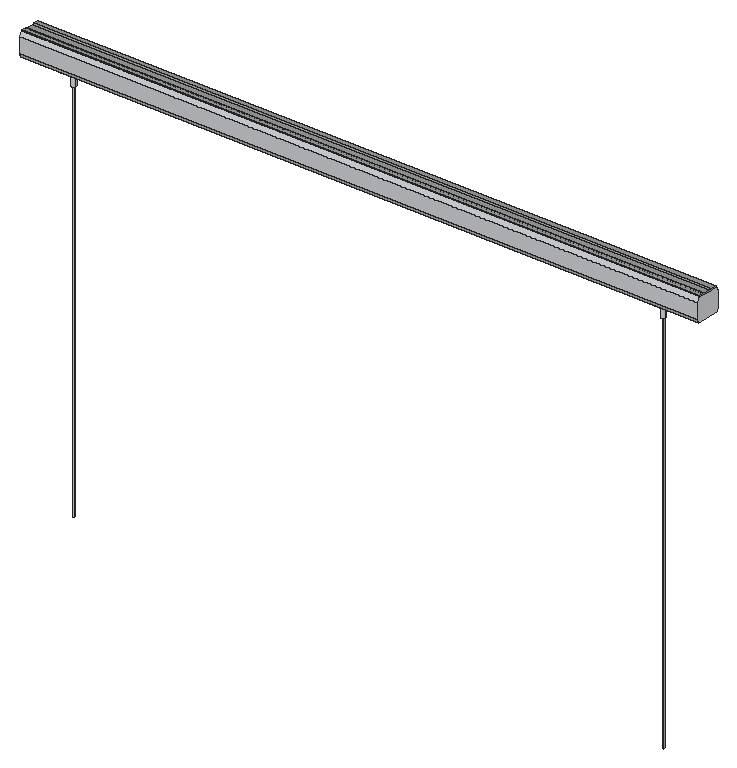
Revit family "0042521 Sylvania Lighting Fixture ISOLINE 1690MM 4K WD DA 8C", category Lighting Fixtures, host Face, Revit 2018
Family settings
  Host = Face
  Round Connector Dimension = Use Diameter
  Part Type = Normal
  OmniClass Number = 23.80.70.00
  OmniClass Title = Lighting
  Cut with Voids When Loaded = No
  Light Source = Yes
  Shared = No
  Room Calculation Point = No
Parameters (values of type "0042521 ISOLINE 1690MM 4K WD DA 8C")
  suspension height = 1000 mm
  spacer height = 5 mm
  spacer centres = 1000 mm
  height = 58.791 mm
  Width = 62 mm
  Weight = "n/a"
  Wattage Comments = ""
  Wattage = 9.2903 W
  WarrantyStartDate [instance] = "n/a"
  WarrantyGuarantorParts = "n/a"
  WarrantyDurationUnit = "n/a"
  WarrantyDurationParts = ""
  WarrantyDescription = "http://www.sylvania-lighting.com"
  built-in parameter 1150110 = 1 (stored number, unit not read)
  Voltage = 0 V
  URL = "0"
  TypeName = "ISOLINE 1690MM 4K WD DA 8C"
  Type Image = <None>
  Type Comments = "n/a"
  built-in parameter 1114217 = 1 (stored number, unit not read)
  Tilt Angle = 90.00°
  built-in parameter 1150109 = 1 (stored number, unit not read)
  built-in parameter 1150134 = 3
  built-in parameter 1150113 = 1 (stored number, unit not read)
  SerialNumber [instance] = "n/a"
  Photometric Web File = "0042521.ies"
  Material_3_FEILO = none
  PowerFactor = 0
  PowerConsumption = "Lighting"
  NominalLength = 62 mm
  NominalHeight = 0 mm
  NominalDepth = 0 mm
  Name = "ISOLINE 1690MM 4K WD DA 8C"
  ModelReference = Name  # "ISOLINE 1690MM 4K WD DA 8C"
  ModelNumber = "0042521"
  Model = Name  # "ISOLINE 1690MM 4K WD DA 8C"
  Material = "Feilo Sylvania"
  ManufacturerName = "145 lm/W"
  Manufacturer = ""
  LuminousEfficacy = ""
  built-in parameter 1150105 = 109.82 (stored number, unit not read)
  Lumens = 1380 lm
  LuminaireType = "0"
  built-in parameter 1150115 = 1 (stored number, unit not read)
  LightOutputRatio = "LED"
  built-in parameter 1150137 = (empty or 0)
  built-in parameter 1150139 = (empty or 0)
  Length = 1690 mm
  LampsType = Lamp  # "n/a"
  LampNominalLuminous = "4000 K"
  LampMacAdamStep = "80"
  LampColourTemperature = "LED"
  LampColourRenderingIndex = "16500"
  built-in parameter 1150112 = 1 (stored number, unit not read)
  built-in parameter 1150114 = 1 (stored number, unit not read)
  Lamp = "n/a"
  Keynote = "n/a"
  InstallationDate [instance] = "n/a"
  InputVoltage = "0"
  InputNominalFrequency = "4000"
  built-in parameter 1150132 = (empty or 0)
  built-in parameter 1150102 = (empty or 0)
  built-in parameter 1150107 = 3200 (stored number, unit not read)
  built-in parameter 1150138 = (empty or 0)
  IngressProtection = "IfcLightFixtureType"
  ImpactProtectionIndex = "IfcLightFixtureType"
  built-in parameter 1150106 = 1.0982 (stored number, unit not read)
  IfcExportType = "IfcLightFixtureType"
  IfcExportAs = "Class I"
  Height = 1000 mm
  ExpectedLife = 50000
  Emit from Circle Diameter = 609.6 mm
  Emit Shape Visible in Rendering = no
  ElectricShockClassification = "145"
  built-in parameter 1150104 = 13.8 (stored number, unit not read)
  DurationUnit = "hours"
  DocumentationLiterature = "http://www.sylvania-lighting.com/product/en-int/products/0042521"
  DimmingControlOptions = "n/a"
  Material_2_FEILO = none
  Dimming Lamp Color Temperature Shift = <None>
  Description = "Isoline LED linear DALI dimmable luminaire for industrial and commercial applications. 1690 mm length with wide optics provide homogeneous light distribution for open areas. Suitable for DALI Dimming. Aluminium housing, RAL 9016. Max + 35 °C operating temperature range, 4000 K, CRI 80, UGR <25, 3 SDMC. 56 W power consumption, 8150 lm luminous flux, 145 lm/W efficacy, 1690 mm x 62 mm x 59 mm (L x W x H) dimensions, IP20, IK03, DC 50/60 Hz, Class I. Lifespan L70:B50 60,000 hours."
  Default Elevation = 1219.2 mm
  CreatedOn = "04/03/2021"
  CreatedBy = "@sylvania-lighting.com"
  Cost = 0
  Color Filter = 16777215
  built-in parameter 1114216 [instance] = (empty or 0)
  ClassificationValue = "EF_70_80"
  ClassificationName = "Uniclass2015"
  Material_1_FEILO = none
  BarCode [instance] = "n/a"
  built-in parameter 1114218 = 1 (stored number, unit not read)
  built-in parameter 1150133 = 10 (stored number, unit not read)
  AssetType = "Fixed"
  AssetIdentifier [instance] = "n/a"
  Assembly Code = "D5020200"
  Apparent Load = 56 VA
  Material_4_FEILO = none
Reference planes
  plane 1 "Center (Front/Back)": y = 0
  plane 2: z = 0
  plane 3 "Center (Left/Right)": x = 0
  plane 4: z = 0
  plane 5: z = 1000
  plane 6: y = 31
  plane 7: y = -31
  plane 8: x = -845
  plane 9: x = 845
  plane 10: x = -37.307
  plane 11: x = 55
  plane 12: z = 1058.791
  plane 13: z = 51
  plane 14: y = -27
  plane 15: y = 27
  plane 16: z = 12
  plane 17: y = -24.969
  plane 18: y = 25
  plane 19: y = 12
  plane 20: y = -12
  plane 21: z = 1.634
  plane 22: y = -8
  plane 23: y = 8
  plane 24: z = 995
  plane 25: y = 26.98
  plane 26: y = 16.98
  plane 27: y = -27.027
  plane 28: y = -17.004
  plane 29: z = 996.5
  plane 30: y = 26.002
  plane 31: y = -26.027
  plane 32: through (-1580, 7.965, 1219.2) normal (0.5391, 0.8423, 0)
  plane 33: through (-1555, 7.965, 1219.2) normal (0.5391, -0.8423, 0)
  plane 34: through (1555, 7.965, 1219.2) normal (0.5391, 0.8423, 0)
  plane 35: through (1580, 8, 1219.2) normal (0.5399, -0.8417, 0)
  plane 36: z = 1058.003
  plane 37: z = 1056.819
  plane 38: x = -735
  plane 39: x = 735
Forms (mm)
  Extrusion 1, solid, detail levels medium+fine
    sketch origin (-1690, -1523.717, -160.594) x (0, -1, -0.000261) y (0, 0.000261, -1)
      loop
        line (-1493, -1168.2) -> (-1497, -1160.2) -> (-1551, -1160.2) -> (-1555, -1168.2) -> (-1555, -1207.2) -> (-1549.109, -1218.982) -> (-1535.466, -1218.982) -> (-1532, -1217.566) -> (-1516, -1217.566) -> (-1512.511, -1218.991) -> (-1498.896, -1218.991) -> (-1493, -1207.2) -> (-1493, -1168.2)
    from 845 to 2535
  Extrusion 2, solid
    sketch origin (722.452, 1524, 1219.247) x (0, 1, 0) y (0, 0, 1)
      loop
        line (-1497.021, -219.189) -> (-1498.02, -219.189) -> (-1507.02, -223.699) -> (-1541.004, -223.699) -> (-1550.017, -219.203) -> (-1551.02, -219.203) -> (-1541.004, -224.2) -> (-1507.02, -224.2) -> (-1497.021, -219.189)
    from 0 to 25
  Extrusion 3, solid
    sketch origin (-747.495, 1524, 1219.189) x (0, 1, 0) y (0, 0, 1)
      loop
        line (-1497.021, -219.189) -> (-1498.02, -219.189) -> (-1507.02, -223.699) -> (-1541.004, -223.699) -> (-1550.017, -219.203) -> (-1551.02, -219.203) -> (-1541.004, -224.2) -> (-1507.02, -224.2) -> (-1497.021, -219.189)
    from 0 to 25
  Extrusion 4, solid
    sketch origin (836.384, 0, 0) x (1, 0, 0) y (0, 1, 0)
      loop
        circle (-1571.7, -0.035) r 5
    from 962.277 to 995
  Extrusion 5, solid
    sketch origin (2306.545, 0.065, 0) x (1, 0, 0) y (0, 1, 0)
      loop
        circle (-1571.7, -0.035) r 5
    from 962.277 to 995
  Extrusion 6, solid
    sketch origin (836.717, 0, 0) x (1, 0, 0) y (0, 1, 0)
      loop
        circle (-1571.7, -0.035) r 1.5
    from 0 to 962.277
  Extrusion 7, solid
    sketch origin (2306.663, 0.033, 0) x (1, 0, 0) y (0, 1, 0)
      loop
        circle (-1571.7, -0.035) r 1.5
    from 0 to 962.277
  Extrusion 8, solid, material "Glass, White, High Luminance", detail levels fine
    sketch origin (319, 1524, 1219.2) x (0, 1, 0) y (0, 0, 1)
      loop
        line (-1498.926, -160.099) -> (-1512.703, -160.099) -> (-1516.213, -161.534) -> (-1531.9, -161.534) -> (-1535.47, -160.114) -> (-1549.12, -160.114) -> (-1549.12, -161.197) -> (-1535.782, -161.197) -> (-1532.805, -162.381) -> (-1515.468, -162.381) -> (-1512.929, -161.197) -> (-1498.926, -161.197) -> (-1498.926, -160.099)
    from -1164 to 526
  Extrusion 9, solid, detail levels coarse
    sketch origin (319, 1524, 1219.2) x (0, 1, 0) y (0, 0, 1)
      loop
        line (-1493, -160.052) -> (-1555, -160.052) -> (-1555, -1219.2) -> (-1493, -1219.2) -> (-1493, -160.052)
    from -1164 to 526
Dimensions and locks
  "Width": plane 6 to plane 7
  equal spacing: plane 6, plane 1 "Center (Front/Back)", plane 7
  "Length": plane 8 to plane 9
  equal spacing: plane 8, plane 3 "Center (Left/Right)", plane 9
  "height": plane 12 to plane 5
  "suspension height": plane 5 to level
  aligned and locked: host face to plane 2
  aligned and locked: host face to level
Automatic sketch dimensions
  host sketch curve to host sketch curve = 3582.803 mm
  host sketch curve to host sketch curve = 2438.4 mm
  Extrusion 1 sketch curve to plane 25 = 0 mm
  Extrusion 1 sketch curve to plane 6 = 0.033 mm
  Extrusion 1 sketch curve to plane 12 = 11.778 mm
  Extrusion 1 sketch curve to Extrusion 1 sketch curve = 4 mm  (x2)
  Extrusion 1 sketch curve to Extrusion 1 sketch curve = 5.891 mm
  Extrusion 1 sketch curve to Extrusion 1 sketch curve = 13.643 mm
  Extrusion 1 sketch curve to Extrusion 1 sketch curve = 3.466 mm
  Extrusion 1 sketch curve to Extrusion 1 sketch curve = 16 mm
  Extrusion 1 sketch curve to Extrusion 1 sketch curve = 3.489 mm
  Extrusion 1 sketch curve to Extrusion 1 sketch curve = 13.615 mm
  Extrusion 1 sketch curve to Extrusion 1 sketch curve = 54 mm
  Extrusion 1 sketch curve to Extrusion 1 sketch curve = 47 mm
  Extrusion 1 sketch curve to Extrusion 1 sketch curve = 10.366 mm
  Extrusion 1 sketch curve to Extrusion 1 sketch curve = 1.425 mm
  Extrusion 1 sketch curve to Extrusion 1 sketch curve = 11.782 mm
  Extrusion 1 sketch curve to Extrusion 1 sketch curve = 8 mm  (x2)
  Extrusion 2 sketch curve to plane 28 = 0 mm  (x2)
  Extrusion 2 sketch curve to plane 26 = 0 mm  (x2)
  plane 5 to Extrusion 2 sketch curve = 0.058 mm
  Extrusion 2 sketch curve to plane 31 = 0.01 mm
  Extrusion 2 sketch curve to plane 27 = 0.007 mm
  plane 30 to Extrusion 2 sketch curve = 0.022 mm
  plane 25 to Extrusion 2 sketch curve = 0.001 mm
  plane 5 to Extrusion 2 sketch curve = 0.044 mm
  plane 24 to Extrusion 2 sketch curve = 0.547 mm
  plane 24 to Extrusion 2 sketch curve = 0.047 mm
  Extrusion 3 sketch curve to plane 28 = 0 mm  (x2)
  Extrusion 3 sketch curve to plane 26 = 0 mm  (x2)
  Extrusion 3 sketch curve to plane 5 = 0 mm
  Extrusion 3 sketch curve to plane 31 = 0.01 mm
  Extrusion 3 sketch curve to plane 27 = 0.007 mm
  plane 30 to Extrusion 3 sketch curve = 0.022 mm
  plane 25 to Extrusion 3 sketch curve = 0.001 mm
  Extrusion 3 sketch curve to plane 5 = 0.014 mm
  plane 24 to Extrusion 3 sketch curve = 0.489 mm
  Extrusion 3 sketch curve to plane 24 = 0.011 mm
  plane 32 to Extrusion 4 sketch curve = 448.592 mm
  plane 33 to Extrusion 4 sketch curve = 448.592 mm
  Extrusion 5 sketch curve to plane 1 "Center (Front/Back)" = 0.029 mm
  plane 32 to Extrusion 6 sketch curve = 448.771 mm
  plane 33 to Extrusion 6 sketch curve = 448.771 mm
  plane 1 "Center (Front/Back)" to Extrusion 7 sketch curve = 0.002 mm
  Extrusion 8 sketch curve to plane 36 = 0 mm  (x2)
  Extrusion 8 sketch curve to plane 37 = 0 mm
  plane 17 to Extrusion 8 sketch curve = 0.151 mm
  Extrusion 8 sketch curve to plane 20 = 0.218 mm
  plane 12 to Extrusion 8 sketch curve = 0.295 mm
  Extrusion 8 sketch curve to plane 20 = 0.53 mm
  plane 22 to Extrusion 8 sketch curve = 0.805 mm
  Extrusion 8 sketch curve to plane 22 = 0.1 mm
  plane 23 to Extrusion 8 sketch curve = 0.213 mm
  Extrusion 8 sketch curve to plane 23 = 0.532 mm
  plane 19 to Extrusion 8 sketch curve = 0.929 mm
  Extrusion 8 sketch curve to plane 18 = 0.074 mm
  plane 37 to Extrusion 8 sketch curve = 0.848 mm
  plane 19 to Extrusion 8 sketch curve = 0.703 mm
  plane 12 to Extrusion 8 sketch curve = 0.31 mm
  Extrusion 9 sketch curve to plane 7 = 0 mm
  Extrusion 9 sketch curve to plane 6 = 0 mm
  Extrusion 9 sketch curve to plane 29 = 996.5 mm
  plane 12 to Extrusion 9 sketch curve = 0.357 mm
  Extrusion 5 sketch curve to plane 39 = 0.155 mm
  Extrusion 7 sketch curve to plane 39 = 0.037 mm
  radius of Extrusion 4 sketch curve = 5 mm
  radius of Extrusion 5 sketch curve = 5 mm
  radius of Extrusion 6 sketch curve = 1.5 mm
  radius of Extrusion 7 sketch curve = 1.5 mm
Connectors
  electrical at (0, -0.02, 1000.004)
    settings: on Extrusion 1, index 1, voltage 0 V, apparent load 0 VA, apparent load phase1 0 VA, apparent load phase2 0 VA, apparent load phase3 0 VA, power factor 1, load classification "Other", number of poles 1, system type 31, power factor state 1, is connector primary yes, connector utility no, sub classification motor no, connector description ""
